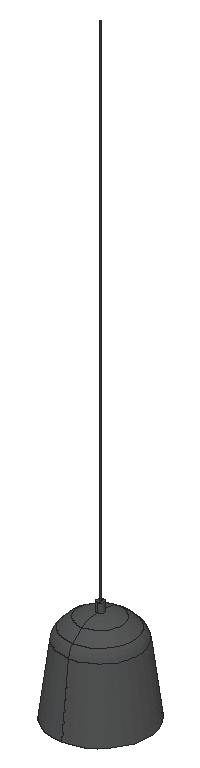
Revit family "Lighting_Pendants_Zero_Convex_Pendant_Large", category Lighting Fixtures, Revit 2020
Family settings
  Round Connector Dimension = Use Diameter
  Part Type = Normal
  OmniClass Number = 23.80.70.00
  OmniClass Title = Lighting
  Work Plane-Based = Yes
  Always vertical = Yes
  Cut with Voids When Loaded = No
  Light Source = Yes
  Shared = No
  Room Calculation Point = No
Parameters (values of type "Convex large E27/Max 28W Black")
  Youtube clip = ""
  Weight Net (Kg) = "2.4"
  Wattage = 6.53014 W
  WarrantyStartDate [instance] = "n/a"
  WarrantyGuarantorParts = "n/a"
  WarrantyGuarantorLabor = "n/a"
  WarrantyDurationUnit = "Year"
  WarrantyDurationParts = "n/a"
  WarrantyDurationLabor = "n/a"
  WarrantyDescription = "n/a"
  built-in parameter 1150110 = 1 (stored number, unit not read)
  VersionDate = "31/08/2023"  # constant formula
  Version = "2"  # constant formula
  UsageCurrent = 0 A
  Uniformat II Description = ""
  Uniformat II Code = ""
  Uniclass2015Reference = "Pr_70_70_48_86"
  Uniclass2015Description = "Suspended luminaires"
  Uniclass2 = "Pr_70_70_49_86"
  Uniclass 2015 Name = ""
  Uniclass 2015 Code = ""
  Uniclass 2.0 Description = ""
  Uniclass 2.0 Code = ""
  Uniclass 1.4 Description = ""
  Uniclass 1.4 Code = ""
  URL = "https://www.zerolighting.com/convexstor-inompe/"
  UNSPSC Code = ""
  TotalWattage = 28 W
  built-in parameter 1114217 = 1 (stored number, unit not read)
  Tilt Angle = 90.00°
  built-in parameter 1150109 = 1 (stored number, unit not read)
  built-in parameter 1150134 = (empty or 0)
  Technical description = ""
  TagNumber [instance] = "n/a"
  SustainabilityPerformance = "n/a"
  built-in parameter 1150113 = 1 (stored number, unit not read)
  Size = "280x280x278 mm"
  Shape = "Sculptured"
  SerialNumber [instance] = "n/a"
  Revision = "4"  # constant formula
  ReplacementCost = "n/a"
  Region South America = "None"
  Region Oceania = "AU, NZ"
  Region North America = "BZ, CR, GT, HN, MX, NI, PA, SV, US"
  Region Middle East = "AE"
  Region Europe = "AD, AL, AT, AX, BA, BE, BG, BY, CH, CY, CZ, DE, DK, EE, ES, FI, FO, FR, GB, GG, GI, GR, HR, HU, IE, IM, IS, IT, JE, LI, LT, LU, LV, MC, MD, ME, MK, MT, NL, NO, PL, PT, RO, RS, RU, SE, SI, SJ, SK, SM, UA, VA"
  Region Asia = "HK, JP, SG"
  Region Antarctica = "None"
  Region Africa = "None"
  ProductInformation = "n/a"
  Product group = "Pendant"
  Product family = "Convex"
  Product certification = ""
  Product SKU = "Convex_pendant_large"
  Product Guid = "4a2afb95-104e-4d54-a8fc-5144f69637b0"
  Photometric Web File = "convex82993_IES.IES"
  PhaseReference = "n/a"
  PhaseAngle = 0.00°
  OmniClass Description = ""
  OmniClass Code = ""
  NumberOfSources = 0
  NumberOfPoles = 1
  NominalVoltageCalc = 0 V
  NominalVoltage = 230 V
  NominalRadius = 140 mm
  NominalLength = 280 mm
  NominalFrequencyRange = 50 Hz
  NominalDiameter = 280 mm
  NominalCurrent = 0 A
  Nominal width = 280 mm
  Nominal height = 278 mm
  Name = "Zero_Convex_Pendant_Large"  # constant formula
  NBSReference = "90-60-50/405"
  NBSDescription = "General purpose luminaires"
  NBS Reference Description = ""
  NBS Reference Code = ""
  ModelReference = "n/a"
  ModelNumber = "8291-3-06"
  Model = "Convex large E27/Max 28W Black"
  Material secondary = "Acrylic"
  Material main = "Aluminium"
  Material = "Metal"
  Masterformat 2014 Description = ""
  Masterformat 2014 Code = ""
  ManufacturersSpecificInformation = "n/a"
  ManufacturerURL = "https://www.zerolighting.com/"
  ManufacturerName = "Zero"
  Manufacturer name = "ZERO"
  Manufacturer country = "Sweden"
  Manufacturer = "Zero"
  MaintenanceFactor = 0
  Lumens = 970 lm
  built-in parameter 1150115 = 1 (stored number, unit not read)
  built-in parameter 1150105 = 77.19 (stored number, unit not read)
  LightFixturePlacingType = "Ceiling"
  LightFixtureMountingType = "Suspended"
  LightFixtureMainMaterial = Black NCS S9000
  built-in parameter 1150137 = (empty or 0)
  built-in parameter 1150139 = (empty or 0)
  LensMaterial = Tempered glass
  built-in parameter 1150112 = 1 (stored number, unit not read)
  built-in parameter 1150114 = 1 (stored number, unit not read)
  InsulationStandardClass = "n/a"
  InstallationDate [instance] = "n/a"
  Installation instructions = ""
  built-in parameter 1150132 = 2
  built-in parameter 1150102 = (empty or 0)
  built-in parameter 1150138 = (empty or 0)
  built-in parameter 1150107 = 3000 (stored number, unit not read)
  built-in parameter 1150106 = 0.7719 (stored number, unit not read)
  IfcExportType = "NOTDEFINED"  # constant formula
  IfcExportAs = "IfcLightFixtureType"  # constant formula
  IP_Code = "IP20"
  IFC Classification = ""
  HasProtectiveEarth = no
  Grade = "n/a"
  GTIN code = ""
  Finish = "Painted aluminum"
  Features = "Terminal block 3x4mm2, when HFF 5x4mm2"
  ExpectedLife = "n/a"
  Emit from Circle Diameter = 278 mm
  Emit Shape Visible in Rendering = no
  ElectricalDeviceNominalPower = 0
  built-in parameter 1150104 = 13.8 (stored number, unit not read)
  Edition number = 1
  EANNumber = "n/a"
  DurationUnit = "Year"
  Dimming Lamp Color Temperature Shift = <None>
  Dimming = "None"
  Designer = "Jens Fager"
  Design country = "Sweden"
  DefaultElevation = 0 mm
  Default Elevation [instance] = 1219.2 mm
  Date of publishing = ""
  ConvergoRefNr = "0046-1708-0032-SE"
  Constituents = "n/a"
  Color Filter = 16777215
  Color = "Black"
  Collection = "Convex"
  CodePerformance = "n/a"
  Category = "Pendant"
  CableLength [instance] = 1500 mm
  COBIe Type Category = ""
  Brand url = "http://www.zero.se"
  Brand = "Zero"
  Barcode [instance] = "n/a"
  built-in parameter 1114218 = 1 (stored number, unit not read)
  BIMObjectName = "Lighting_Pendants_Zero_Convex_Pendant_Large"  # constant formula
  Author = "Convergo AB"  # constant formula
  built-in parameter 1150133 = 10 (stored number, unit not read)
  AssetType = "Fixed"
  AssetIdentifier [instance] = "n/a"
  ArticleNumber = "8291-3-06"
  AccessibilityPerformance = "n/a"
Types (12, lengths in mm): name | TotalWattage | ModelNumber | Model | LightFixtureMainMaterial | Dimming | Color | ArticleNumber
  Convex large E27/Max 28W Black | 28 W | "8291-3-06" | "Convex large E27/Max 28W Black" | Black NCS S9000 | "None" | "Black" | "8291-3-06"
  Convex large LED 970LM/17W White | 17 W | "8299-3-01" | "Convex large LED 970LM/17W White" | White RAL 9016 | "None" | "White" | "8299-3-01"
  Convex large E27/Max 28W White | 28 W | "8291-3-01" | "Convex large E27/Max 28W White" | White RAL 9016 | "None" | "White" | "8291-3-01"
  Convex large E27/Max 28W Grey | 28 W | "8291-3-11" | "Convex large E27/Max 28W Grey" | Grey RAL 7030 | "None" | "Grey" | "8291-3-11"
  Convex large E27/Max 28W Green | 28 W | "8291-3-12" | "Convex large E27/Max 28W Green" | Green RAL 7022 | "None" | "Green" | "8291-3-12"
  Convex large LED 970LM/17W HFF White | 17 W | "8299-3-01HFF" | "Convex large LED 970LM/17W HFF White" | White RAL 9016 | "Dimmable DALI or SwitchDim." | "White" | "8299-3-01HFF"
  Convex large LED 970LM/17W Black | 17 W | "8299-3-06" | "Convex large LED 970LM/17W Black" | Black NCS S9000 | "None" | "Black" | "8299-3-06"
  Convex large LED 970LM/17W HFF Black | 17 W | "8299-3-06HFF" | "Convex large LED 970LM/17W HFF Black" | Black NCS S9000 | "Dimmable DALI or SwitchDim." | "Black" | "8299-3-06HFF"
  Convex large LED 970LM/17W Green | 17 W | "8299-3-12" | "Convex large LED 970LM/17W Green" | Green RAL 7022 | "None" | "Green" | "8299-3-12"
  Convex large LED 970LM/17W HFF Green | 17 W | "8299-3-12HFF" | "Convex large LED 970LM/17W HFF Green" | Green RAL 7022 | "Dimmable DALI or SwitchDim." | "Green" | "8299-3-12HFF"
  Convex large LED 970LM/17W Grey | 17 W | "8299-3-11" | "Convex large LED 970LM/17W Grey" | Grey RAL 7030 | "None" | "Grey" | "8299-3-11"
  Convex large LED 970LM/17W HFF Grey | 17 W | "8299-3-11HFF" | "Convex large LED 970LM/17W HFF Grey" | Grey RAL 7030 | "Dimmable DALI or SwitchDim." | "Grey" | "8299-3-11HFF"
Reference planes
  plane 1 "Light Source Axis (F/B)": y = 0
  plane 2: z = 0
  plane 3 "Light Source Axis (L/R)": x = 0
  plane 4 "Ceiling": z = 0
  plane 5 "Light Source Elevation": z = -1800.883
  plane 6: y = 140
  plane 7: y = -140
  plane 8: x = -140
  plane 9: x = 140
  plane 10: z = -1500
  plane 11: z = 0
Forms (mm)
  Extrusion 1, solid, material "Black NCS S9000", detail levels medium+fine
    sketch origin (0, 51.698, -1800.883) x (-1, 0, 0) y (0, -1, 0)
      loop
        circle (0, 51.698) r 1
    from 300.883 to 1800.883
  Extrusion 2, solid, material "Black NCS S9000" <- "LightFixtureMainMaterial", detail levels coarse
    sketch origin (0, 0, -1800.883) x (-1, 0, 0) y (0, -1, 0)
      loop
        line (140, 140) -> (-140, 140) -> (-140, -140) -> (140, -140) -> (140, 140)
    from 0 to 1800.883
Lines and regions (mm)
  symbolic lines, detail levels medium+fine
    curve 1: line (1, 0, -1500) -> (1, 0, 0)
    curve 2: line (-1, 0, 0) -> (-1, 0, -1500)
    curve 3: line (0, 1, -1500) -> (0, 1, 0)
    curve 4: line (0, -1, -1500) -> (0, -1, 0)
Dimensions and locks
  equal spacing: plane 6, plane 1 "Light Source Axis (F/B)", plane 7
  plane 6 to plane 7 = 280 mm
  equal spacing: plane 8, plane 3 "Light Source Axis (L/R)", plane 9
  "NominalLength": plane 8 to plane 9
  "CableLength": plane 10 to level
  plane 5 "Light Source Elevation" to plane 10 = 300.883 mm
  aligned and locked: plane 3 "Light Source Axis (L/R)" to imposter light
  aligned and locked: plane 1 "Light Source Axis (F/B)" to imposter light
  aligned and locked: plane 5 "Light Source Elevation" to imposter light
  aligned and locked: plane 10 to Extrusion 1
  aligned and locked: level to Extrusion 1
  aligned and locked: plane 10 to nested 1
  aligned and locked: plane 5 "Light Source Elevation" to Extrusion 2
  aligned and locked: plane 2 to Extrusion 2
Automatic sketch dimensions
  Extrusion 1 sketch curve to Extrusion 1 sketch curve = 0 mm  (x2)
  Extrusion 1 sketch curve to plane 3 "Light Source Axis (L/R)" = 0 mm
  plane 1 "Light Source Axis (F/B)" to Extrusion 1 sketch curve = 0 mm
  Extrusion 1 sketch curve to Extrusion 1 sketch curve = 1 mm
  plane 7 to Extrusion 2 sketch curve = 0 mm
  Extrusion 2 sketch curve to plane 9 = 0 mm
  Extrusion 2 sketch curve to plane 6 = 0 mm
  Extrusion 2 sketch curve to plane 8 = 0 mm
  curve 2 to level = 0 mm
  curve 2 to plane 10 = 0 mm
  curve 1 to level = 0 mm
  curve 1 to plane 10 = 0 mm
  curve 2 to plane 3 "Light Source Axis (L/R)" = 1 mm
  plane 3 "Light Source Axis (L/R)" to curve 1 = 1 mm
  plane 10 to curve 4 = 0 mm
  curve 4 to level = 0 mm
  curve 3 to level = 0 mm
  plane 10 to curve 3 = 0 mm
  plane 1 "Light Source Axis (F/B)" to curve 4 = 1 mm
  curve 3 to plane 1 "Light Source Axis (F/B)" = 1 mm
Nested families
  nested 1: "Convex-pendant-large" at (0, 0, -1800.883), Material1 <- "LightFixtureMainMaterial", Material2 <- "LensMaterial", type "Convex-pendant-large"
    with Material2 Tempered glass, Material1 Black NCS S9000
Connectors
  electrical at (0, 0, 0), driven by "NominalVoltage"
    settings: on Extrusion 1, index 1, voltage 230 V, apparent load 0 VA, apparent load phase1 0 VA, apparent load phase2 0 VA, apparent load phase3 0 VA, power factor 1, load classification "Other", number of poles 1, system type 31, power factor state 1, is connector primary yes, connector utility no, sub classification motor no, connector description ""
Definition of nested family "Convex-pendant-large"
  Parameters (values of type "Convex-pendant-large")
    Material2 [instance] = none
    Material1 [instance] = none
    Default Elevation = 0 mm
  Reference planes
    plane 1 "Center (Front/Back)": y = 0
    plane 2: z = 0
    plane 3 "Center (Left/Right)": x = 0
  Forms (mm)
    Revolve 1, solid, material <- "Material1", detail levels medium+fine
      sketch origin (0, 0, 0) x (0, 1, 0) y (0, 0, 1)
        loop
          line (137.983, 0) -> (140, 0) -> (113.382, 202.787)
          arc (113.382, 202.787) -> (108.43, 219.787) -> (98.59, 234.507) r 58.126
          arc (98.59, 234.507) -> (82.755, 249.397) -> (64.899, 261.79) r 147.028
          arc (64.899, 261.79) -> (38.81, 272.889) -> (10.742, 276.883) r 108.972
          line (10.742, 276.883) -> (0, 276.883) -> (0, 274.883) -> (10.731, 274.883)
          arc (10.731, 274.883) -> (38.279, 270.961) -> (63.883, 260.067) r 106.972
          arc (63.883, 260.067) -> (81.497, 247.843) -> (97.116, 233.156) r 145.028
          arc (97.116, 233.156) -> (106.617, 218.941) -> (111.399, 202.526) r 56.126
          line (111.399, 202.526) -> (137.983, 0)
        axis (0, 276.883) -> (0, 0)
      angle from 0 to 360
    Revolve 2, solid, material <- "Material1", detail levels medium+fine
      sketch origin (0, 0, 0) x (0, 1, 0) y (0, 0, 1)
        loop
          line (10.742, 276.883) -> (10.742, 300.883) -> (0, 300.883) -> (0, 276.883) -> (10.742, 276.883)
        axis (0, 300.883) -> (0, 276.883)
      angle from 0 to 360
    Revolve 3, solid, material <- "Material2", detail levels medium+fine
      sketch origin (0, 0, 0) x (0, 1, 0) y (0, 0, 1)
        loop
          line (137.983, 1.533) -> (137.592, 4.003) -> (0, 4.003) -> (0, 1.533) -> (137.983, 1.533)
        axis (0, 1.533) -> (0, 4.003)
      angle from 0 to 360
  Lines and regions (mm)
    symbolic lines, detail levels medium+fine
      curve 1: circle (0, 0, 0) r 140 normal (0, 0, 1)
      curve 2: line (0, 140, 0) -> (0, -140, 0)
      curve 3: line (0, 140, 0) -> (0, 113.582, 201.533)
      curve 4: arc (0, 113.582, 201.533) -> (0, 106.853, 222.574) -> (0, 93.172, 239.919) r 61.977
      curve 5: arc (0, 102.377, 229.761) -> (0, 77.746, 253.723) -> (0, 47.345, 269.744) r 120.287
      curve 6: arc (0, 47.345, 269.744) -> (0, 29.31, 274.68) -> (0, 10.742, 276.883) r 125.592
      curve 8: line (0, -140, 0) -> (0, -113.582, 201.533)
      curve 9: arc (0, -113.582, 201.533) -> (0, -106.853, 222.574) -> (0, -93.172, 239.919) r 61.977
      curve 10: arc (0, -102.377, 229.761) -> (0, -77.746, 253.723) -> (0, -47.345, 269.744) r 120.287
      curve 11: arc (0, -47.345, 269.744) -> (0, -29.31, 274.68) -> (0, -10.742, 276.883) r 125.592
      curve 13: line (0, 10.742, 276.883) -> (0, 10.742, 300.883)
      curve 14: line (0, 10.742, 300.883) -> (0, 1, 300.883)
      curve 15: line (0, -10.742, 276.883) -> (0, -10.742, 300.883)
      curve 16: line (0, -10.742, 300.883) -> (0, -1, 300.883)
      curve 17: line (0, 0, 0) -> (-140, 0, 0)
      curve 18: line (-140, 0, 0) -> (-113.399, 0, 201.975)
      curve 19: arc (-113.399, 0, 201.975) -> (-108.251, 0, 219.635) -> (-98.032, 0, 234.929) r 60.469
      curve 20: arc (-98.032, 0, 234.929) -> (-80.627, 0, 251.019) -> (-60.805, 0, 264.014) r 143.072
      curve 21: arc (-60.805, 0, 264.014) -> (-36.568, 0, 273.54) -> (-10.742, 0, 276.883) r 106.232
      curve 23: line (-10.742, 0, 276.883) -> (-10.742, 0, 300.883)
      curve 25: line (0, 0, 0) -> (140, 0, 0)
      curve 26: line (140, 0, 0) -> (113.399, 0, 201.975)
      curve 27: arc (113.399, 0, 201.975) -> (108.251, 0, 219.635) -> (98.032, 0, 234.929) r 60.469
      curve 28: arc (98.032, 0, 234.929) -> (80.627, 0, 251.019) -> (60.805, 0, 264.014) r 143.072
      curve 29: arc (60.805, 0, 264.014) -> (36.568, 0, 273.54) -> (10.742, 0, 276.883) r 106.232
      curve 31: line (10.742, 0, 276.883) -> (10.742, 0, 300.883)
      curve 33: line (-1, 0, 300.883) -> (-10.742, 0, 300.883)
      curve 34: line (1, 0, 300.883) -> (10.742, 0, 300.883)
    symbolic lines, detail levels fine
      curve 7: line (0, 10.742, 276.883) -> (0, 0, 276.883)
      curve 12: line (0, -10.742, 276.883) -> (0, 0, 276.883)
      curve 22: line (-10.742, 0, 276.883) -> (0, 0, 276.883)
      curve 24: line (1, 0, 300.883) -> (-1, 0, 300.883)
      curve 30: line (10.742, 0, 276.883) -> (0, 0, 276.883)
      curve 32: circle (0, 0, 0) r 138.5 normal (0, 0, 1)
      curve 35: line (0, -1, 300.883) -> (0, 1, 300.883)
  Dimensions and locks
    aligned and locked: level to plane 2
